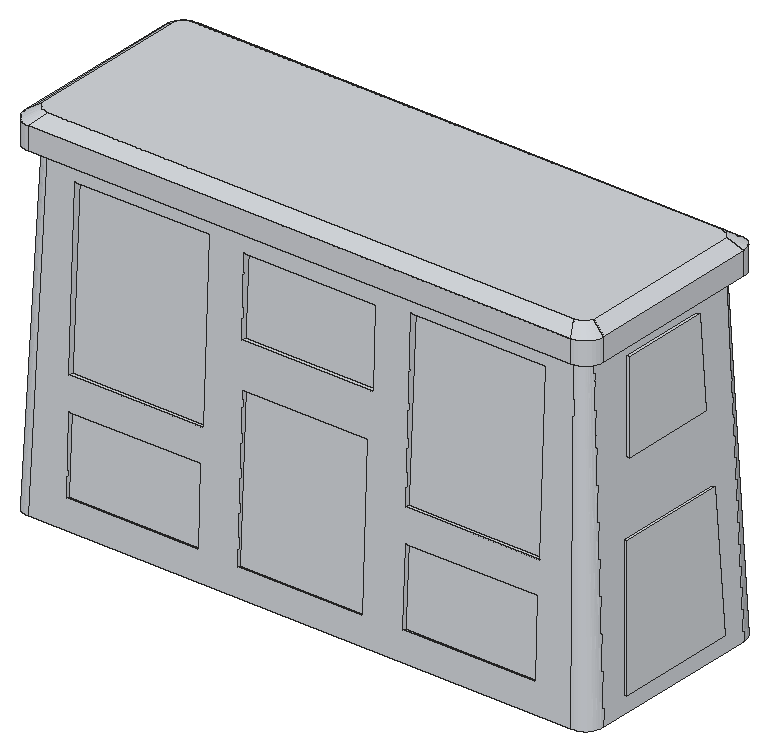
Revit family "110104-00045 Камера оптическая трубопроводная КОТ-3-ССД", category Обобщенные модели, Revit 2019
Family settings
  Может служить основой для арматурных стержней = Нет
  Размер круглого соединителя = Использовать диаметр
  Тип детали = Нормальный
  На основе рабочей плоскости = Нет
  Всегда вертикально = Да
  При загрузке вырезать с полостями = Нет
  Общий = Нет
  Точка расчета площади = Нет
Parameters (values of type "Камера оптическая трубопроводная КОТ-3-ССД")
  Материал = "Полиэтилен среднего давления"
  ADSK_Ширина = 470 mm
  ADSK_Ссылка на сайт = "https://www.ssd.ru/kamera-opticheskaya-truboprovodnaya-kot-3-ssd"
  ADSK_Наименование = "Камера оптическая трубопроводная КОТ-3-ССД"
  ADSK_Масса = "35"
  ADSK_Марка = "Камеры оптические трубопроводные"
  ADSK_Код изделия = "110104-00045"
  ADSK_Изготовитель = "АО \"СВЯЗЬСТРОЙДЕТАЛЬ\""
  ADSK_Длина = 1290 mm
  ADSK_Высота = 800 mm
Reference planes
  plane 1 "По центру (Вперед/Назад)": y = 0
  plane 2: z = 0
  plane 3 "По центру (Влево/Вправо)": x = 0
  plane 4: x = -645
  plane 5: x = 645
  plane 6: y = 235
  plane 7: y = -235
  plane 8: z = 800
  plane 9 "Высота крышки": z = 730
  plane 10: y = 185
  plane 11: x = -595
  plane 12: x = 595
  plane 13: y = -185
  plane 14: y = 185
  plane 15: x = -595
  plane 16: x = 595
  plane 17: y = -185
Forms (mm)
  Blend 1, solid
    base sketch origin (0, 0, 0) x (1, 0, 0) y (0, 1, 0)
      loop
        arc (-605, 235) -> (-633.284, 223.284) -> (-645, 195) r 40
        line (-645, 195) -> (-645, -195)
        arc (-645, -195) -> (-633.284, -223.284) -> (-605, -235) r 40
        line (-605, -235) -> (605, -235)
        arc (605, -235) -> (633.284, -223.284) -> (645, -195) r 40
        line (645, -195) -> (645, 195)
        arc (645, 195) -> (633.284, 223.284) -> (605, 235) r 40
        line (605, 235) -> (-605, 235)
    top sketch origin (0, 0, 0) x (1, 0, 0) y (0, 1, 0)
      loop
        arc (-586.27, 205) -> (-603.773, 199.508) -> (-615, 185) r 30.635
        line (-615, 185) -> (-615, -185)
        arc (-615, -185) -> (-603.773, -199.508) -> (-586.27, -205) r 30.635
        line (-586.27, -205) -> (586.27, -205)
        arc (586.27, -205) -> (603.773, -199.508) -> (615, -185) r 30.635
        line (615, -185) -> (615, 185)
        arc (615, 185) -> (603.773, 199.508) -> (586.27, 205) r 30.635
        line (586.27, 205) -> (-586.27, 205)
    from 0 to 730
  Extrusion 2, solid
    sketch origin (0, 0, 0) x (1, 0, 0) y (0, 1, 0)
      loop
        arc (-605, 235) -> (-633.284, 223.284) -> (-645, 195) r 40
        line (-645, 195) -> (-645, -195)
        arc (-645, -195) -> (-633.284, -223.284) -> (-605, -235) r 40
        line (-605, -235) -> (605, -235)
        arc (605, -235) -> (633.284, -223.284) -> (645, -195) r 40
        line (645, -195) -> (645, 195)
        arc (645, 195) -> (633.284, 223.284) -> (605, 235) r 40
        line (605, 235) -> (-605, 235)
    from 730 to 780.112
  Blend 3, solid
    base sketch origin (0, 0, 0) x (1, 0, 0) y (0, 1, 0)
      loop
        arc (-605, 235) -> (-633.284, 223.284) -> (-645, 195) r 40
        line (-645, 195) -> (-645, -195)
        arc (-645, -195) -> (-633.284, -223.284) -> (-605, -235) r 40
        line (-605, -235) -> (605, -235)
        arc (605, -235) -> (633.284, -223.284) -> (645, -195) r 40
        line (645, -195) -> (645, 195)
        arc (645, 195) -> (633.284, 223.284) -> (605, 235) r 40
        line (605, 235) -> (-605, 235)
    top sketch origin (0, 0, 0) x (1, 0, 0) y (0, 1, 0)
      loop
        line (-615, 185) -> (-615, -185)
        arc (-615, -185) -> (-603.773, -199.508) -> (-586.27, -205) r 30.635
        line (-586.27, -205) -> (586.27, -205)
        arc (586.27, -205) -> (603.773, -199.508) -> (615, -185) r 30.635
        line (615, -185) -> (615, 185)
        arc (615, 185) -> (603.773, 199.508) -> (586.27, 205) r 30.635
        line (586.27, 205) -> (-586.27, 205)
        arc (-586.27, 205) -> (-603.773, 199.508) -> (-615, 185) r 30.635
    from 780.112 to 800
  Extrusion 4, void
    sketch origin (0, 0, 0) x (0, 1, 0) y (0, 0, 1)
      loop
        line (185, 730) -> (-185, 730) -> (-194.588, 30.066) -> (194.588, 30.066) -> (185, 730)
    from -603.668 to 601.019
  Extrusion 5, void
    sketch origin (0, -9.739, -11.527) x (1, 0, 0) y (0, 0.052336, 0.99863)
      loop
        line (-141.632, 407.918) -> (-141.632, 60.199) -> (138.368, 60.199) -> (138.368, 407.918) -> (-141.632, 407.918)
    from 219.904 to 235
  Extrusion 6, void
    sketch origin (0, -26.233, -10.913) x (1, 0, 0) y (0, 0.052336, 0.99863)
      loop
        line (-524.826, 685.439) -> (-524.826, 305.439) -> (-224.826, 305.439) -> (-224.826, 685.439) -> (-524.826, 685.439)
    from 203.401 to 218.497
  Extrusion 7, void
    sketch origin (0, -8.124, -11.757) x (1, 0, 0) y (0, 0.052336, 0.99863)
      loop
        line (-523.107, 234.239) -> (-523.107, 64.239) -> (-228.107, 64.239) -> (-228.107, 234.239) -> (-523.107, 234.239)
    from 221.53 to 236.625
  Extrusion 8, void
    sketch origin (0, -26.233, -10.913) x (-1, 0, 0) y (0, -0.052336, -0.99863)
      loop
        line (-524.826, -685.439) -> (-224.826, -685.439) -> (-224.826, -305.439) -> (-524.826, -305.439) -> (-524.826, -685.439)
    from 203.401 to 218.497
  Extrusion 9, void
    sketch origin (0, -8.124, -11.757) x (-1, 0, 0) y (0, -0.052336, -0.99863)
      loop
        line (-523.107, -234.239) -> (-228.107, -234.239) -> (-228.107, -64.239) -> (-523.107, -64.239) -> (-523.107, -234.239)
    from 221.53 to 236.625
  Extrusion 10, void
    sketch origin (-375.607, 11.876, 428.243) x (-1, 0, 0) y (0, -0.052336, -0.99863)
      loop
        line (-523.107, -234.239) -> (-228.107, -234.239) -> (-228.107, -64.239) -> (-523.107, -64.239) -> (-523.107, -234.239)
    from 218.474 to 233.57
  Extrusion 11, void
    sketch origin (0, 9.739, -11.527) x (1, 0, 0) y (0, 0.052336, -0.99863)
      loop
        line (-141.632, -407.918) -> (138.368, -407.918) -> (138.368, -60.199) -> (-141.632, -60.199) -> (-141.632, -407.918)
    from 219.904 to 235
  Extrusion 12, void
    sketch origin (0, 26.233, -10.913) x (1, 0, 0) y (0, 0.052336, -0.99863)
      loop
        line (-524.826, -685.439) -> (-224.826, -685.439) -> (-224.826, -305.439) -> (-524.826, -305.439) -> (-524.826, -685.439)
    from 203.401 to 218.497
  Extrusion 13, void
    sketch origin (0, 8.124, -11.757) x (1, 0, 0) y (0, 0.052336, -0.99863)
      loop
        line (-523.107, -234.239) -> (-228.107, -234.239) -> (-228.107, -64.239) -> (-523.107, -64.239) -> (-523.107, -234.239)
    from 221.53 to 236.625
  Extrusion 14, void
    sketch origin (0, 26.233, -10.913) x (-1, 0, 0) y (0, -0.052336, 0.99863)
      loop
        line (-524.826, 685.439) -> (-524.826, 305.439) -> (-224.826, 305.439) -> (-224.826, 685.439) -> (-524.826, 685.439)
    from 203.401 to 218.497
  Extrusion 15, void
    sketch origin (0, 8.124, -11.757) x (-1, 0, 0) y (0, -0.052336, 0.99863)
      loop
        line (-523.107, 234.239) -> (-523.107, 64.239) -> (-228.107, 64.239) -> (-228.107, 234.239) -> (-523.107, 234.239)
    from 221.53 to 236.625
  Extrusion 16, void
    sketch origin (-375.607, -11.876, 428.243) x (-1, 0, 0) y (0, -0.052336, 0.99863)
      loop
        line (-523.107, 234.239) -> (-523.107, 64.239) -> (-228.107, 64.239) -> (-228.107, 234.239) -> (-523.107, 234.239)
    from 218.474 to 233.57
  Extrusion 17, solid
    sketch origin (-3.39, 0, -23.92) x (0, 1, 0) y (-0.037179, 0, 0.999309)
      loop
        line (96.649, 690.72) -> (-96.649, 690.72) -> (-106.302, 495) -> (106.302, 495) -> (96.649, 690.72)
      loop
        line (121.902, 338.473) -> (-120.981, 338.473) -> (-135.818, 37.623) -> (136.739, 37.623) -> (121.902, 338.473)
    from 645 to 655.262
  Extrusion 18, solid
    sketch origin (3.39, 0, -23.92) x (0, 1, 0) y (-0.037179, 0, -0.999309)
      loop
        line (96.649, -690.72) -> (106.302, -495) -> (-106.302, -495) -> (-96.649, -690.72) -> (96.649, -690.72)
      loop
        line (121.902, -338.473) -> (136.739, -37.623) -> (-135.818, -37.623) -> (-120.981, -338.473) -> (121.902, -338.473)
    from 645 to 655.262
Cuts and joins
  Extrusion 4, Extrusion 5, Extrusion 6, Extrusion 7, Extrusion 8, Extrusion 9, Extrusion 10, Extrusion 11, Extrusion 12, Extrusion 13, Extrusion 14, Extrusion 15, Extrusion 16 cuts Blend 1
  Extrusion 4, Extrusion 10 cuts Extrusion 2
  Extrusion 5, Extrusion 10 cuts Blend 3
Dimensions and locks
  "ADSK_Длина": plane 4 to plane 5
  equal spacing: plane 4, plane 3 "По центру (Влево/Вправо)", plane 5
  "ADSK_Ширина": plane 6 to plane 7
  equal spacing: plane 6, plane 1 "По центру (Вперед/Назад)", plane 7
  "ADSK_Высота": plane 8 to level
  locked: plane 8 to plane 9 "Высота крышки" at 70
  aligned and locked: level to plane 2
  aligned and locked: plane 8 to Blend 3
  aligned and locked: Blend 3 to cut or joined group of Extrusion 2, Extrusion 4, Extrusion 10
  aligned and locked: Extrusion 2 to Blend 3
  aligned and locked: Extrusion 2 to plane 9 "Высота крышки"
  aligned and locked: plane 9 "Высота крышки" to Blend 1
Automatic sketch dimensions
  Blend 1 sketch curve to plane 4 = 0 mm
  Blend 1 sketch curve to plane 7 = 0 mm
  Blend 1 sketch curve to plane 6 = 0 mm
  Blend 1 sketch curve to plane 5 = 0 mm
  Blend 1 sketch curve to plane 11 = 10 mm  (x2)
  Blend 1 sketch curve to plane 12 = 10 mm  (x2)
  plane 17 to Blend 1 sketch curve = 0 mm  (x2)
  Blend 1 sketch curve to plane 14 = 0 mm  (x2)
  Blend 1 sketch curve to plane 15 = 20 mm
  plane 15 to Blend 1 sketch curve = 8.73 mm  (x2)
  plane 16 to Blend 1 sketch curve = 8.73 mm  (x2)
  Blend 1 sketch curve to plane 16 = 20 mm
  plane 7 to Blend 1 sketch curve = 30 mm
  Blend 1 sketch curve to plane 14 = 10.635 mm
  Extrusion 2 sketch curve to plane 4 = 0 mm
  Extrusion 2 sketch curve to plane 7 = 0 mm
  Extrusion 2 sketch curve to plane 6 = 0 mm
  Extrusion 2 sketch curve to plane 5 = 0 mm
  plane 4 to Extrusion 2 sketch curve = 40 mm  (x2)
  Extrusion 2 sketch curve to plane 5 = 40 mm  (x2)
  Blend 3 sketch curve to plane 4 = 0 mm
  Blend 3 sketch curve to plane 7 = 0 mm
  Blend 3 sketch curve to plane 6 = 0 mm
  Blend 3 sketch curve to plane 5 = 0 mm
  plane 4 to Blend 3 sketch curve = 40 mm  (x2)
  Blend 3 sketch curve to plane 5 = 40 mm  (x2)
  plane 4 to Blend 3 sketch curve = 30 mm
  Blend 3 sketch curve to Blend 3 sketch curve = 28.73 mm  (x2)
  Blend 3 sketch curve to plane 5 = 58.73 mm  (x2)
  Blend 3 sketch curve to plane 5 = 30 mm
  plane 7 to Blend 3 sketch curve = 30 mm
  Blend 3 sketch curve to Blend 3 sketch curve = 20 mm  (x2)
  Blend 3 sketch curve to plane 6 = 60.635 mm
  Blend 3 sketch curve to plane 1 "По центру (Вперед/Назад)" = 174.365 mm
  Blend 3 sketch curve to Blend 3 sketch curve = 10.635 mm
  Extrusion 4 sketch curve to plane 9 "Высота крышки" = 0 mm
  plane 7 to Extrusion 4 sketch curve = 40.412 mm
  plane 7 to Extrusion 4 sketch curve = 50 mm
  Extrusion 4 sketch curve to plane 6 = 50 mm
  Extrusion 4 sketch curve to plane 6 = 40.412 mm
  level to Extrusion 4 sketch curve = 30.066 mm
  Extrusion 5 sketch curve to plane 3 "По центру (Влево/Вправо)" = 141.632 mm
  plane 3 "По центру (Влево/Вправо)" to Extrusion 5 sketch curve = 138.368 mm
  Extrusion 5 sketch curve to Extrusion 5 sketch curve = 347.72 mm
  plane 4 to Extrusion 6 sketch curve = 120.174 mm
  Extrusion 6 sketch curve to plane 3 "По центру (Влево/Вправо)" = 224.826 mm
  Extrusion 6 sketch curve to Extrusion 6 sketch curve = 380 mm
  plane 4 to Extrusion 7 sketch curve = 121.893 mm
  Extrusion 7 sketch curve to plane 3 "По центру (Влево/Вправо)" = 228.107 mm
  Extrusion 7 sketch curve to Extrusion 7 sketch curve = 170 mm
  Extrusion 8 sketch curve to plane 5 = 120.174 mm
  plane 3 "По центру (Влево/Вправо)" to Extrusion 8 sketch curve = 224.826 mm
  Extrusion 8 sketch curve to Extrusion 8 sketch curve = 380 mm
  Extrusion 9 sketch curve to plane 5 = 121.893 mm
  plane 3 "По центру (Влево/Вправо)" to Extrusion 9 sketch curve = 228.107 mm
  Extrusion 9 sketch curve to Extrusion 9 sketch curve = 170 mm
  plane 3 "По центру (Влево/Вправо)" to Extrusion 10 sketch curve = 147.5 mm
  Extrusion 10 sketch curve to plane 3 "По центру (Влево/Вправо)" = 147.5 mm
  Extrusion 10 sketch curve to Extrusion 10 sketch curve = 170 mm
  Extrusion 11 sketch curve to plane 3 "По центру (Влево/Вправо)" = 141.632 mm
  plane 3 "По центру (Влево/Вправо)" to Extrusion 11 sketch curve = 138.368 mm
  Extrusion 11 sketch curve to Extrusion 11 sketch curve = 347.72 mm
  plane 4 to Extrusion 12 sketch curve = 120.174 mm
  Extrusion 12 sketch curve to plane 3 "По центру (Влево/Вправо)" = 224.826 mm
  Extrusion 12 sketch curve to Extrusion 12 sketch curve = 380 mm
  plane 4 to Extrusion 13 sketch curve = 121.893 mm
  Extrusion 13 sketch curve to plane 3 "По центру (Влево/Вправо)" = 228.107 mm
  Extrusion 13 sketch curve to Extrusion 13 sketch curve = 170 mm
  Extrusion 14 sketch curve to plane 5 = 120.174 mm
  plane 3 "По центру (Влево/Вправо)" to Extrusion 14 sketch curve = 224.826 mm
  Extrusion 14 sketch curve to Extrusion 14 sketch curve = 380 mm
  Extrusion 15 sketch curve to plane 5 = 121.893 mm
  plane 3 "По центру (Влево/Вправо)" to Extrusion 15 sketch curve = 228.107 mm
  Extrusion 15 sketch curve to Extrusion 15 sketch curve = 170 mm
  plane 3 "По центру (Влево/Вправо)" to Extrusion 16 sketch curve = 147.5 mm
  Extrusion 16 sketch curve to plane 3 "По центру (Влево/Вправо)" = 147.5 mm
  Extrusion 16 sketch curve to Extrusion 16 sketch curve = 170 mm
  plane 7 to Extrusion 17 sketch curve = 99.182 mm
  plane 7 to Extrusion 17 sketch curve = 114.019 mm
  plane 1 "По центру (Вперед/Назад)" to Extrusion 17 sketch curve = 106.302 mm
  plane 1 "По центру (Вперед/Назад)" to Extrusion 17 sketch curve = 96.649 mm
  Extrusion 17 sketch curve to plane 1 "По центру (Вперед/Назад)" = 96.649 mm
  Extrusion 17 sketch curve to plane 1 "По центру (Вперед/Назад)" = 106.302 mm
  Extrusion 17 sketch curve to plane 6 = 113.098 mm
  Extrusion 17 sketch curve to plane 6 = 98.261 mm
  Extrusion 17 sketch curve to Extrusion 17 sketch curve = 300.85 mm
  Extrusion 17 sketch curve to Extrusion 17 sketch curve = 156.527 mm
  Extrusion 17 sketch curve to Extrusion 17 sketch curve = 195.72 mm
  plane 7 to Extrusion 18 sketch curve = 99.182 mm
  plane 7 to Extrusion 18 sketch curve = 114.019 mm
  plane 1 "По центру (Вперед/Назад)" to Extrusion 18 sketch curve = 106.302 mm
  plane 1 "По центру (Вперед/Назад)" to Extrusion 18 sketch curve = 96.649 mm
  Extrusion 18 sketch curve to plane 1 "По центру (Вперед/Назад)" = 96.649 mm
  Extrusion 18 sketch curve to plane 1 "По центру (Вперед/Назад)" = 106.302 mm
  Extrusion 18 sketch curve to plane 6 = 113.098 mm
  Extrusion 18 sketch curve to plane 6 = 98.261 mm
  Extrusion 18 sketch curve to Extrusion 18 sketch curve = 195.72 mm
  Extrusion 18 sketch curve to Extrusion 18 sketch curve = 156.527 mm
  Extrusion 18 sketch curve to Extrusion 18 sketch curve = 300.85 mm
